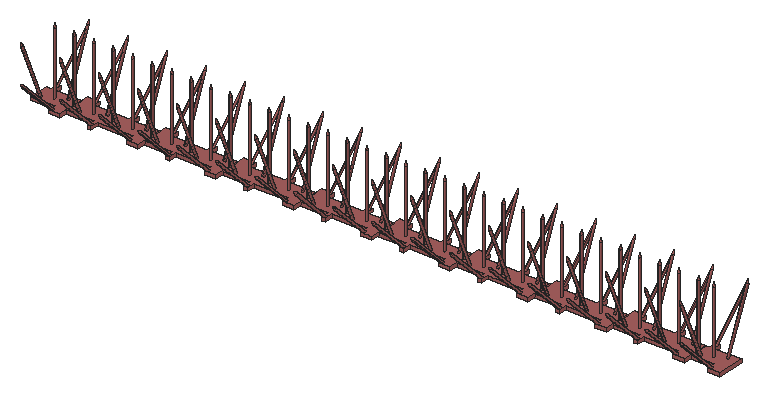
Revit family "BirdControl_Spikes_BirdBGone_2000", category Specialty Equipment, Revit 2016
Family settings
  Part Type = Normal
  Round Connector Dimension = Use Diameter
  OmniClass Number = 23.40.10.14.14.99
  OmniClass Title = Other Manufactured Exterior Specialties
  Cut with Voids When Loaded = No
  Shared = No
  Room Calculation Point = No
Parameters (values of type "BirdBGone template - Line Based")
  Warranty Duration (Years) = 0
  Units [instance] = ([built-in parameter 1001306] - 0' 7") / 0' 5"  # 8
  URL = "http://www.birdbgone.com/"
  Test Data = "http://www.birdbgone.com/bird-control-product-msds"
  Specification = "http://www.arcat.com/sdspecs/htm/10290bir.htm"
  SpecWizard = ""
  Send Message = "http://www.arcat.com/users.pl?action=UserEmail&company=Bird-B-Gone,%20Inc.&coid=38371&rep=147&fax=949-472-3116&mf="
  Sales Information = "http://www.birdbgone.com/bird-control-store/"
  Revision = "R1_10-2010"
  Product Properties = "http://www.arcat.com/bim/bim_info.pl?fn=BirdBGone"
  Product Data = "http://www.arcat.com/arcatcos/cos38/arc38371.html"
  Model = "As Specified in 10 81 19"
  Material = Plastic - Bird B Gone - Polycarbonate - Brick Red
  Manufacturer Website = "http://www.birdbgone.com/"
  Manufacturer Phone - Toll Free = "800-392-6915"
  Manufacturer Phone = "949-472-3122"
  Manufacturer Fax = "949-472-3116"
  Manufacturer Address = "23918 Skyline, Mission Viejo, CA 92692"
  Manufacturer = "Bird-B-Gone, Inc."
  Maintenance Schedule (Months) = 0
  built-in parameter 1001306 [instance] = 4' - 0"
  Keynote = "10 81 19"
  Installation-Fabrication = "http://www.birdbgone.com/installation-instructions"
  Installation Phase = ""
  Green Building-LEED = "http://www.arcat.com/green/clients/leed_data_38371.html"
  Expected Lifespan (Years) = 0
  End [instance] = Units * 0' 5"  # 3' - 4"
  Drawn By = "Robert S. Weygant, CSI, CDT, SCIP"
  Description = "Bird Control Equipment as Specified in 10 81 19"
  Copyright = "2010 ARCAT, Inc."
  Construction Details = "http://www.arcat.com/details/birdbgon/birdbgon.html?coid=38371"
  Building Codes = "http://www.birdbgone.com/knowledge-center/"
  Back Row 2 = yes
  Back Row 1 = yes
  Assembly Code = "E1090900"
Reference planes (in)
  plane 1 "Center (Front/Back)": y = 0
  plane 2: z = 0
  plane 3 "Left": x = 0
  plane 4 "Right": x = 48
  plane 5: y = 0.625
  plane 6: y = -0.625
  plane 7: x = 2.25
  plane 8: x = 42.25
Lines and regions (in)
  reference lines
    curve 1: line (0, 0, 0) -> (48, 0, 0)
Dimensions and locks (in)
  "built-in parameter 1001306": plane 3 "Left" to plane 4 "Right"
  equal spacing: plane 5, curve 1, plane 6
  locked: plane 5 to plane 6 at 1.25
  equal spacing: group 1, group 2, group 3, group 4, group 5, group 6, group 7, group 8  (x3)
  locked: plane 3 "Left" to plane 7 at 2.25
  "End": plane 7 to plane 8
  aligned and locked: plane 4 "Right" to curve 1
  aligned and locked: plane 3 "Left" to curve 1
  aligned and locked: nested 10 to plane 8
Nested families (in)
  nested 1: "SpikeUnit_2000_End" at (0, 0, 0) x (0, -1, 0) z (0, 0, 1), Back Row 2 <- "Back Row 2", Back Row 1 <- "Back Row 1", Material <- "Material", type "BirdBGone template - Standalone"
    with offset 0' - 0", Unit Height 0' - 4 1/2", Material Plastic - Bird B Gone - Polycarbonate - Brick Red, End Peg yes, Back Row 2 yes, Back Row 1 yes
  nested 2: "SpikeUnit_2000" at (4.75, 0, 0) x (0, -1, 0) z (0, 0, 1), Back Row 2 <- "Back Row 2", Back Row 1 <- "Back Row 1", Material <- "Material", type "BirdBGone template - Standalone"
    with offset 0' - 0", Unit Height 0' - 4 1/2", Material Plastic - Bird B Gone - Polycarbonate - Brick Red, Back Row 2 yes, Back Row 1 yes
  nested 3: "SpikeUnit_2000" at (9.75, 0, 0) x (0, -1, 0) z (0, 0, 1), Back Row 2 <- "Back Row 2", Back Row 1 <- "Back Row 1", Material <- "Material", type "BirdBGone template - Standalone"
    with offset 0' - 0", Unit Height 0' - 4 1/2", Material Plastic - Bird B Gone - Polycarbonate - Brick Red, Back Row 2 yes, Back Row 1 yes
  nested 4: "SpikeUnit_2000" at (14.75, 0, 0) x (0, -1, 0) z (0, 0, 1), Back Row 2 <- "Back Row 2", Back Row 1 <- "Back Row 1", Material <- "Material", type "BirdBGone template - Standalone"
    with offset 0' - 0", Unit Height 0' - 4 1/2", Material Plastic - Bird B Gone - Polycarbonate - Brick Red, Back Row 2 yes, Back Row 1 yes
  nested 5: "SpikeUnit_2000" at (19.75, 0, 0) x (0, -1, 0) z (0, 0, 1), Back Row 2 <- "Back Row 2", Back Row 1 <- "Back Row 1", Material <- "Material", type "BirdBGone template - Standalone"
    with offset 0' - 0", Unit Height 0' - 4 1/2", Material Plastic - Bird B Gone - Polycarbonate - Brick Red, Back Row 2 yes, Back Row 1 yes
  nested 6: "SpikeUnit_2000" at (24.75, 0, 0) x (0, -1, 0) z (0, 0, 1), Back Row 2 <- "Back Row 2", Back Row 1 <- "Back Row 1", Material <- "Material", type "BirdBGone template - Standalone"
    with offset 0' - 0", Unit Height 0' - 4 1/2", Material Plastic - Bird B Gone - Polycarbonate - Brick Red, Back Row 2 yes, Back Row 1 yes
  nested 7: "SpikeUnit_2000" at (29.75, 0, 0) x (0, -1, 0) z (0, 0, 1), Back Row 2 <- "Back Row 2", Back Row 1 <- "Back Row 1", Material <- "Material", type "BirdBGone template - Standalone"
    with offset 0' - 0", Unit Height 0' - 4 1/2", Material Plastic - Bird B Gone - Polycarbonate - Brick Red, Back Row 2 yes, Back Row 1 yes
  nested 8: "SpikeUnit_2000" at (34.75, 0, 0) x (0, -1, 0) z (0, 0, 1), Back Row 2 <- "Back Row 2", Back Row 1 <- "Back Row 1", Material <- "Material", type "BirdBGone template - Standalone"
    with offset 0' - 0", Unit Height 0' - 4 1/2", Material Plastic - Bird B Gone - Polycarbonate - Brick Red, Back Row 2 yes, Back Row 1 yes
  nested 9: "SpikeUnit_2000" at (39.75, 0, 0) x (0, -1, 0) z (0, 0, 1), Back Row 2 <- "Back Row 2", Back Row 1 <- "Back Row 1", Material <- "Material", type "BirdBGone template - Standalone"
    with offset 0' - 0", Unit Height 0' - 4 1/2", Material Plastic - Bird B Gone - Polycarbonate - Brick Red, Back Row 2 yes, Back Row 1 yes
  nested 10: "SpikeUnit_2000_End" at (42.25, 0, 0) x (0, -1, 0) z (0, 0, 1), Back Row 2 <- "Back Row 2", Back Row 1 <- "Back Row 1", Material <- "Material", type "BirdBGone template - Standalone"
    with offset 0' - 0", Unit Height 0' - 4 1/2", Material Plastic - Bird B Gone - Polycarbonate - Brick Red, End Peg no, Back Row 2 yes, Back Row 1 yes
Definition of nested family "SpikeUnit_2000_End"
  Parameters
    offset [instance] = 0' - 0"
    Warranty Duration (Years) = 0
    Unit Width = 0' - 7"
    Unit Height [instance] = 0' - 4 1/2"
    Unit Depth = 0' - 0 1/4"
    URL = "http://www.birdbgone.com/"
    Test Data = "http://www.birdbgone.com/bird-control-product-msds"
    Specification = "http://www.arcat.com/sdspecs/htm/10290bir.htm"
    SpecWizard = ""
    Send Message = "http://www.arcat.com/users.pl?action=UserEmail&company=Bird-B-Gone,%20Inc.&coid=38371&rep=147&fax=949-472-3116&mf="
    Sales Information = "http://www.birdbgone.com/bird-control-store/"
    Revision = "R1_10-2010"
    Product Properties = "http://www.arcat.com/bim/bim_info.pl?fn=BirdBGone"
    Product Data = "http://www.arcat.com/arcatcos/cos38/arc38371.html"
    Model = "As Specified in 10 81 19"
    Material [instance] = none
    Manufacturer Website = "http://www.birdbgone.com/"
    Manufacturer Phone - Toll Free = "800-392-6915"
    Manufacturer Phone = "949-472-3122"
    Manufacturer Fax = "949-472-3116"
    Manufacturer Address = "23918 Skyline, Mission Viejo, CA 92692"
    Manufacturer = "Bird-B-Gone, Inc."
    Maintenance Schedule (Months) = 0
    Keynote = "10 81 19"
    Installation-Fabrication = "http://www.birdbgone.com/installation-instructions"
    Installation Phase = ""
    Green Building-LEED = "http://www.arcat.com/green/clients/leed_data_38371.html"
    Expected Lifespan (Years) = 0
    End Peg [instance] = yes
    Drawn By = "Robert S. Weygant, CSI, CDT, SCIP"
    Description = "Bird Control Equipment as Specified in 10 81 19"
    Copyright = "wt"
    Construction Details = "http://www.arcat.com/details/birdbgon/birdbgon.html?coid=38371"
    Building Codes = "http://www.birdbgone.com/knowledge-center/"
    Back Row 2 [instance] = yes
    Back Row 1 [instance] = yes
    Assembly Code = "E1090900"
  Reference planes (in)
    plane 1 "Center (Front/Back)": y = 0
    plane 2 "Bottom": z = 0
    plane 3 "Center (Left/Right)": x = 0
    plane 4 "Top": z = 4.5
    plane 5: y = 2.25
  Forms (in)
    Extrusion 1, solid, material <- "Material"
      sketch origin (0, -0.5, 0) x (0, -1, 0) y (1, 0, 0)
        loop
          line (-0.5, -0.625) -> (-0.5, 0.625) -> (-2, 0.625) -> (-2, 1.125) -> (-2.75, 1.125) -> (-2.75, -0.625) -> (-1.00192, -0.625) -> (-1.00192, -1.125) -> (-0.75, -1.125) -> (-0.75, -0.625) -> (-0.5, -0.625)
      from 0 to 0.21875
    Revolve 2, solid, material <- "Material", detail levels medium+fine
      sketch origin (0.78125, 1.625, 0) x (0.707107, 0, 0.707107) y (-0.707107, 0, 0.707107)
        loop
          line (3.875, 0) -> (0.15782, 0) -> (0.15782, -0.0625) -> (3.64088, -0.0625) -> (3.875, 0)
        axis (3.875, 0) -> (0.15782, 0)
      angle from 0 to 360
    Revolve 3, solid, material <- "Material", visible <- "Back Row 2", detail levels medium+fine
      sketch origin (-0.78125, 0.375, 0) x (-0.707107, 0, 0.707107) y (-0.707107, 0, -0.707107)
        loop
          line (3.875, 0) -> (3.64088, 0.0625) -> (0.15782, 0.0625) -> (0.15782, 0) -> (3.875, 0)
        axis (3.875, 0) -> (0.15782, 0)
      angle from 0 to 360
    Revolve 4, solid, material <- "Material", visible <- "Back Row 1", detail levels medium+fine
      sketch origin (-0.18577, 1.625, 0) x (-0.707107, 0, 0.707107) y (-0.707107, 0, -0.707107)
        loop
          line (4.10185, -1.59349) -> (3.90819, -1.44784) -> (0.24709, 0.03134) -> (0.22368, -0.02661) -> (4.10185, -1.59349)
        axis (4.10185, -1.59349) -> (0.22368, -0.02661)
      angle from 0 to 360
    Revolve 5, solid, material <- "Material", detail levels medium+fine
      sketch origin (0.18577, 0.375, 0) x (0.707107, 0, 0.707107) y (-0.707107, 0, 0.707107)
        loop
          line (4.10185, 1.59349) -> (0.22368, 0.02661) -> (0.24709, -0.03134) -> (3.90819, 1.44784) -> (4.10185, 1.59349)
        axis (4.10185, 1.59349) -> (0.22368, 0.02661)
      angle from 0 to 360
    Revolve 6, solid, material <- "Material", detail levels medium+fine
      sketch origin (-0.05912, 1, -0.04038) x (0.374607, 0, 0.927184) y (-0.927184, 0, 0.374607)
        loop
          line (4.23191, 1.64604) -> (0.26241, 0.04225) -> (0.28582, -0.01569) -> (4.03825, 1.50039) -> (4.23191, 1.64604)
        axis (4.23191, 1.64604) -> (0.26241, 0.04225)
      angle from 0 to 360
    Revolve 7, solid, material <- "Material", visible <- "End Peg", detail levels medium+fine
      sketch origin (-0.05912, 2.25, -0.04038) x (0.374607, 0, 0.927184) y (-0.927184, 0, 0.374607)
        loop
          line (4.23191, 1.64604) -> (0.26241, 0.04225) -> (0.28582, -0.01569) -> (4.03825, 1.50039) -> (4.23191, 1.64604)
        axis (4.23191, 1.64604) -> (0.26241, 0.04225)
      angle from 0 to 360
  Lines and regions (in)
    model lines, detail levels coarse
      curve 1: line (0, 1, 0.21875) -> (0, 1, 4.5)
      curve 2: line (0.34375, 0.375, 0.21875) -> (1.95937, 0.375, 4.02714)
      curve 4: line (1, 1.625, 0.21875) -> (3.5213, 1.625, 2.74005)
    model lines, visible <- "Back Row 1", detail levels coarse
      curve 3: line (-0.34375, 1.625, 0.21875) -> (-1.95937, 1.625, 4.02714)
    model lines, visible <- "Back Row 2", detail levels coarse
      curve 5: line (-1, 0.375, 0.21875) -> (-3.5213, 0.375, 2.74005)
    model lines, visible <- "End Peg", detail levels coarse
      curve 6: line (0, 2.25, 0.21875) -> (0, 2.25, 4.5)
  Dimensions and locks (in)
    "Unit Height": plane 4 "Top" to level
  Automatic sketch dimensions
    Extrusion 1 sketch curve to plane 5 = 0' - 0"
    Extrusion 1 sketch curve to plane 1 "Center (Front/Back)" = 0' - 0"
    Extrusion 1 sketch curve to Extrusion 1 sketch curve = 0' - 0 3/4"
    Extrusion 1 sketch curve to plane 1 "Center (Front/Back)" = 0' - 0.50192"
    Extrusion 1 sketch curve to plane 1 "Center (Front/Back)" = 0' - 0 1/4"
    Extrusion 1 sketch curve to plane 3 "Center (Left/Right)" = 0' - 1 1/8"
    Extrusion 1 sketch curve to Extrusion 1 sketch curve = 0' - 0 1/2"  (x2)
    Extrusion 1 sketch curve to plane 3 "Center (Left/Right)" = 0' - 0 5/8"
    plane 3 "Center (Left/Right)" to Extrusion 1 sketch curve = 0' - 0 5/8"
    Revolve 2 sketch curve to plane 3 "Center (Left/Right)" = 0' - 0.22412"
    Revolve 2 sketch curve to level = 0' - 1.00537"
    Revolve 2 sketch curve to Revolve 2 sketch curve = 0' - 1.57963"
    Revolve 2 sketch curve to Revolve 2 sketch curve = 0' - 3.48306"
    Revolve 2 sketch curve to Revolve 2 sketch curve = 0' - 0.23412"
    Revolve 2 sketch curve to Revolve 2 sketch curve = 0' - 1.2032"
    Revolve 2 sketch curve to Revolve 2 sketch curve = 0' - 0"
    Revolve 2 sketch curve to Revolve 2 sketch curve = 0' - 0 1/16"
    plane 3 "Center (Left/Right)" to Revolve 3 sketch curve = 0' - 0.22412"
    Revolve 3 sketch curve to level = 0' - 1.00537"
    Revolve 3 sketch curve to Revolve 3 sketch curve = 0' - 1.57963"
    Revolve 3 sketch curve to Revolve 3 sketch curve = 0' - 3.48306"
    Revolve 3 sketch curve to Revolve 3 sketch curve = 0' - 0.23412"
    Revolve 3 sketch curve to Revolve 3 sketch curve = 0' - 1.2032"
    Revolve 3 sketch curve to Revolve 3 sketch curve = 0' - 0"
    Revolve 3 sketch curve to Revolve 3 sketch curve = 0' - 0 1/16"
    plane 3 "Center (Left/Right)" to Revolve 4 sketch curve = 0' - 0.31984"
    Revolve 4 sketch curve to level = 0' - 1.34246"
    Revolve 4 sketch curve to Revolve 4 sketch curve = 0' - 1.53046"
    Revolve 4 sketch curve to Revolve 4 sketch curve = 0' - 0.02341"
    Revolve 4 sketch curve to Revolve 4 sketch curve = 0' - 3.6611"
    Revolve 4 sketch curve to Revolve 4 sketch curve = 0' - 0.19366"
    Revolve 4 sketch curve to Revolve 4 sketch curve = 0' - 0.61807"
    Revolve 4 sketch curve to Revolve 4 sketch curve = 0' - 0.5604"
    Revolve 4 sketch curve to Revolve 4 sketch curve = 0' - 0.05795"
    Revolve 4 sketch curve to Revolve 4 sketch curve = 0' - 0.24972"
    Revolve 5 sketch curve to plane 3 "Center (Left/Right)" = 0' - 0.31984"
    Revolve 5 sketch curve to level = 0' - 1.34246"
    Revolve 5 sketch curve to Revolve 5 sketch curve = 0' - 1.53046"
    Revolve 5 sketch curve to Revolve 5 sketch curve = 0' - 0.02341"
    Revolve 5 sketch curve to Revolve 5 sketch curve = 0' - 3.6611"
    Revolve 5 sketch curve to Revolve 5 sketch curve = 0' - 0.19366"
    Revolve 5 sketch curve to Revolve 5 sketch curve = 0' - 0.61807"
    Revolve 5 sketch curve to Revolve 5 sketch curve = 0' - 0.5604"
    Revolve 5 sketch curve to Revolve 5 sketch curve = 0' - 0.05795"
    Revolve 5 sketch curve to Revolve 5 sketch curve = 0' - 0.24972"
    Revolve 6 sketch curve to plane 3 "Center (Left/Right)" = 0' - 0"  (x4)
    Revolve 6 sketch curve to plane 4 "Top" = 0' - 0"
    Revolve 6 sketch curve to Revolve 6 sketch curve = 0' - 0.19366"
    Revolve 6 sketch curve to Revolve 6 sketch curve = 0' - 3.75243"
    Revolve 6 sketch curve to Revolve 6 sketch curve = 0' - 0.02341"
    Revolve 6 sketch curve to Revolve 6 sketch curve = 0' - 1.56919"
    Revolve 6 sketch curve to Revolve 6 sketch curve = 0' - 0.488"
    curve 1 to plane 3 "Center (Left/Right)" = 0' - 0"  (x2)
    curve 1 to plane 4 "Top" = 0' - 0"
    curve 1 to curve 1 = 0' - 3.0273"
    curve 5 to plane 4 "Top" = 0' - 1.75995"
    curve 5 to plane 3 "Center (Left/Right)" = 0' - 3.5213"
    curve 5 to curve 2 = 0' - 0.95017"
    curve 2 to curve 2 = 0' - 3.83535"
    curve 2 to curve 5 = 0' - 2.9653"
    curve 5 to curve 5 = 0' - 3.56565"
    curve 2 to curve 5 = 0' - 0.95017"
    level to curve 3 = 0' - 0 7/32"
    curve 3 to plane 3 "Center (Left/Right)" = 0' - 0 11/32"
    curve 3 to curve 4 = 0' - 0.95017"
    curve 3 to curve 3 = 0' - 1.55053"
    curve 4 to curve 4 = 0' - 3.56565"
    curve 4 to curve 3 = 0' - 0.95017"
    curve 3 to curve 3 = 0' - 3.83535"
    Revolve 7 sketch curve to plane 3 "Center (Left/Right)" = 0' - 0"  (x4)
    Revolve 7 sketch curve to plane 4 "Top" = 0' - 0"
    Revolve 7 sketch curve to Revolve 7 sketch curve = 0' - 0.19366"
    Revolve 7 sketch curve to Revolve 7 sketch curve = 0' - 3.75243"
    Revolve 7 sketch curve to Revolve 7 sketch curve = 0' - 0.02341"
    Revolve 7 sketch curve to Revolve 7 sketch curve = 0' - 1.56919"
    Revolve 7 sketch curve to Revolve 7 sketch curve = 0' - 0.488"
    curve 6 to plane 3 "Center (Left/Right)" = 0' - 0"  (x2)
    curve 6 to plane 4 "Top" = 0' - 0"
    curve 6 to curve 6 = 0' - 3.0273"
Definition of nested family "SpikeUnit_2000"
  Parameters
    offset [instance] = 0' - 0"
    Warranty Duration (Years) = 0
    Unit Width = 0' - 7"
    Unit Height [instance] = 0' - 4 1/2"
    Unit Depth = 0' - 0 1/4"
    URL = "http://www.birdbgone.com/"
    Test Data = "http://www.birdbgone.com/bird-control-product-msds"
    Specification = "http://www.arcat.com/sdspecs/htm/10290bir.htm"
    SpecWizard = ""
    Send Message = "http://www.arcat.com/users.pl?action=UserEmail&company=Bird-B-Gone,%20Inc.&coid=38371&rep=147&fax=949-472-3116&mf="
    Sales Information = "http://www.birdbgone.com/bird-control-store/"
    Revision = "R1_10-2010"
    Product Properties = "http://www.arcat.com/bim/bim_info.pl?fn=BirdBGone"
    Product Data = "http://www.arcat.com/arcatcos/cos38/arc38371.html"
    Model = "As Specified in 10 81 19"
    Material [instance] = none
    Manufacturer Website = "http://www.birdbgone.com/"
    Manufacturer Phone - Toll Free = "800-392-6915"
    Manufacturer Phone = "949-472-3122"
    Manufacturer Fax = "949-472-3116"
    Manufacturer Address = "23918 Skyline, Mission Viejo, CA 92692"
    Manufacturer = "Bird-B-Gone, Inc."
    Maintenance Schedule (Months) = 0
    Keynote = "10 81 19"
    Installation-Fabrication = "http://www.birdbgone.com/installation-instructions"
    Installation Phase = ""
    Green Building-LEED = "http://www.arcat.com/green/clients/leed_data_38371.html"
    Expected Lifespan (Years) = 0
    Drawn By = "Robert S. Weygant, CSI, CDT, SCIP"
    Description = "Bird Control Equipment as Specified in 10 81 19"
    Copyright = "wt"
    Construction Details = "http://www.arcat.com/details/birdbgon/birdbgon.html?coid=38371"
    Building Codes = "http://www.birdbgone.com/knowledge-center/"
    Back Row 2 [instance] = yes
    Back Row 1 [instance] = yes
    Assembly Code = "E1090900"
  Reference planes (in)
    plane 1 "Center (Front/Back)": y = 0
    plane 2 "Bottom": z = 0
    plane 3 "Center (Left/Right)": x = 0
    plane 4 "Top": z = 4.5
    plane 5: y = 2.5
    plane 6: y = -2.5
  Forms (in)
    Extrusion 1, solid, material <- "Material"
      sketch origin (0, -0.25, 0) x (0, -1, 0) y (1, 0, 0)
        loop
          line (1.5, -0.625) -> (1.5, -1.125) -> (2.25, -1.125) -> (2.25, 0.625) -> (0.5, 0.625) -> (0.5, 1.125) -> (0.24808, 1.125) -> (0.24808, 0.625) -> (-2, 0.625) -> (-2, 1.125) -> (-2.75, 1.125) -> (-2.75, -0.625) -> (-1.00192, -0.625) -> (-1.00192, -1.125) -> (-0.75, -1.125) -> (-0.75, -0.625) -> (1.5, -0.625)
      from 0 to 0.21875
    Revolve 2, solid, material <- "Material", detail levels medium+fine
      sketch origin (0.78125, 1.875, 0) x (0.707107, 0, 0.707107) y (-0.707107, 0, 0.707107)
        loop
          line (3.875, 0) -> (0.15782, 0) -> (0.15782, -0.0625) -> (3.64088, -0.0625) -> (3.875, 0)
        axis (3.875, 0) -> (0.15782, 0)
      angle from 0 to 360
    Revolve 3, solid, material <- "Material", detail levels medium+fine
      sketch origin (0.78125, -0.625, 0) x (0.707107, 0, 0.707107) y (-0.707107, 0, 0.707107)
        loop
          line (3.875, 0) -> (0.15782, 0) -> (0.15782, -0.0625) -> (3.64088, -0.0625) -> (3.875, 0)
        axis (3.875, 0) -> (0.15782, 0)
      angle from 0 to 360
    Revolve 4, solid, material <- "Material", visible <- "Back Row 2", detail levels medium+fine
      sketch origin (-0.78125, 0.625, 0) x (-0.707107, 0, 0.707107) y (-0.707107, 0, -0.707107)
        loop
          line (3.875, 0) -> (3.64088, 0.0625) -> (0.15782, 0.0625) -> (0.15782, 0) -> (3.875, 0)
        axis (3.875, 0) -> (0.15782, 0)
      angle from 0 to 360
    Revolve 5, solid, material <- "Material", visible <- "Back Row 2", detail levels medium+fine
      sketch origin (-0.78125, -1.875, 0) x (-0.707107, 0, 0.707107) y (-0.707107, 0, -0.707107)
        loop
          line (3.875, 0) -> (3.64088, 0.0625) -> (0.15782, 0.0625) -> (0.15782, 0) -> (3.875, 0)
        axis (3.875, 0) -> (0.15782, 0)
      angle from 0 to 360
    Revolve 6, solid, material <- "Material", visible <- "Back Row 1", detail levels medium+fine
      sketch origin (-0.18577, 1.875, 0) x (-0.707107, 0, 0.707107) y (-0.707107, 0, -0.707107)
        loop
          line (4.10185, -1.59349) -> (3.90819, -1.44784) -> (0.24709, 0.03134) -> (0.22368, -0.02661) -> (4.10185, -1.59349)
        axis (4.10185, -1.59349) -> (0.22368, -0.02661)
      angle from 0 to 360
    Revolve 7, solid, material <- "Material", visible <- "Back Row 1", detail levels medium+fine
      sketch origin (-0.18577, -0.625, 0) x (-0.707107, 0, 0.707107) y (-0.707107, 0, -0.707107)
        loop
          line (4.10185, -1.59349) -> (3.90819, -1.44784) -> (0.24709, 0.03134) -> (0.22368, -0.02661) -> (4.10185, -1.59349)
        axis (4.10185, -1.59349) -> (0.22368, -0.02661)
      angle from 0 to 360
    Revolve 8, solid, material <- "Material", detail levels medium+fine
      sketch origin (0.18577, 0.625, 0) x (0.707107, 0, 0.707107) y (-0.707107, 0, 0.707107)
        loop
          line (4.10185, 1.59349) -> (0.22368, 0.02661) -> (0.24709, -0.03134) -> (3.90819, 1.44784) -> (4.10185, 1.59349)
        axis (4.10185, 1.59349) -> (0.22368, 0.02661)
      angle from 0 to 360
    Revolve 9, solid, material <- "Material", detail levels medium+fine
      sketch origin (0.18577, -1.875, 0) x (0.707107, 0, 0.707107) y (-0.707107, 0, 0.707107)
        loop
          line (4.10185, 1.59349) -> (0.22368, 0.02661) -> (0.24709, -0.03134) -> (3.90819, 1.44784) -> (4.10185, 1.59349)
        axis (4.10185, 1.59349) -> (0.22368, 0.02661)
      angle from 0 to 360
    Revolve 10, solid, material <- "Material", detail levels medium+fine
      sketch origin (-0.05912, -1.25, -0.04038) x (0.374607, 0, 0.927184) y (-0.927184, 0, 0.374607)
        loop
          line (4.23191, 1.64604) -> (0.26241, 0.04225) -> (0.28582, -0.01569) -> (4.03825, 1.50039) -> (4.23191, 1.64604)
        axis (4.23191, 1.64604) -> (0.26241, 0.04225)
      angle from 0 to 360
    Revolve 11, solid, material <- "Material", detail levels medium+fine
      sketch origin (-0.05912, 1.25, -0.04038) x (0.374607, 0, 0.927184) y (-0.927184, 0, 0.374607)
        loop
          line (4.23191, 1.64604) -> (0.26241, 0.04225) -> (0.28582, -0.01569) -> (4.03825, 1.50039) -> (4.23191, 1.64604)
        axis (4.23191, 1.64604) -> (0.26241, 0.04225)
      angle from 0 to 360
    Revolve 12, solid, material <- "Material", detail levels medium+fine
      sketch origin (-0.05912, 0, -0.04038) x (0.374607, 0, 0.927184) y (-0.927184, 0, 0.374607)
        loop
          line (4.23191, 1.64604) -> (0.26241, 0.04225) -> (0.28582, -0.01569) -> (4.03825, 1.50039) -> (4.23191, 1.64604)
        axis (4.23191, 1.64604) -> (0.26241, 0.04225)
      angle from 0 to 360
    Revolve 13, solid, material <- "Material", detail levels medium+fine
      sketch origin (-0.05912, 2.5, -0.04038) x (0.374607, 0, 0.927184) y (-0.927184, 0, 0.374607)
        loop
          line (4.23191, 1.64604) -> (0.26241, 0.04225) -> (0.28582, -0.01569) -> (4.03825, 1.50039) -> (4.23191, 1.64604)
        axis (4.23191, 1.64604) -> (0.26241, 0.04225)
      angle from 0 to 360
  Lines and regions (in)
    model lines, detail levels coarse
      curve 1: line (0, 0, 0.21875) -> (0, 0, 4.5)
      curve 2: line (0, -1.25, 0.21875) -> (0, -1.25, 4.5)
      curve 3: line (0, 1.25, 0.21875) -> (0, 1.25, 4.5)
      curve 4: line (0.34375, -1.875, 0.21875) -> (1.95937, -1.875, 4.02714)
      curve 5: line (0.34375, 0.625, 0.21875) -> (1.95937, 0.625, 4.02714)
      curve 8: line (1, -0.625, 0.21875) -> (3.5213, -0.625, 2.74005)
      curve 9: line (1, 1.875, 0.21875) -> (3.5213, 1.875, 2.74005)
      curve 12: line (0, 2.5, 0.21875) -> (0, 2.5, 4.5)
    model lines, visible <- "Back Row 1", detail levels coarse
      curve 6: line (-0.34375, -0.625, 0.21875) -> (-1.95937, -0.625, 4.02714)
      curve 7: line (-0.34375, 1.875, 0.21875) -> (-1.95937, 1.875, 4.02714)
    model lines, visible <- "Back Row 2", detail levels coarse
      curve 10: line (-1, -1.875, 0.21875) -> (-3.5213, -1.875, 2.74005)
      curve 11: line (-1, 0.625, 0.21875) -> (-3.5213, 0.625, 2.74005)
  Dimensions and locks (in)
    "Unit Height": plane 4 "Top" to level
  Automatic sketch dimensions
    curve 1 to plane 3 "Center (Left/Right)" = 0' - 0"  (x2)
    curve 1 to plane 4 "Top" = 0' - 0"
    curve 1 to curve 1 = 0' - 3.0273"
    Extrusion 1 sketch curve to plane 5 = 0' - 0"
    Extrusion 1 sketch curve to plane 6 = 0' - 0"
    Extrusion 1 sketch curve to Extrusion 1 sketch curve = 0' - 0 3/4"
    Extrusion 1 sketch curve to plane 1 "Center (Front/Back)" = 0' - 0.75192"
    Extrusion 1 sketch curve to Extrusion 1 sketch curve = 0' - 0.25192"  (x2)
    plane 1 "Center (Front/Back)" to Extrusion 1 sketch curve = 0' - 0.49808"
    plane 6 to Extrusion 1 sketch curve = 0' - 0 3/4"
    Extrusion 1 sketch curve to plane 3 "Center (Left/Right)" = 0' - 1 1/8"  (x2)
    Extrusion 1 sketch curve to Extrusion 1 sketch curve = 0' - 0 1/2"  (x3)
    Extrusion 1 sketch curve to Extrusion 1 sketch curve = 0' - 0"
    plane 3 "Center (Left/Right)" to Extrusion 1 sketch curve = 0' - 0 5/8"  (x2)
    Revolve 2 sketch curve to plane 3 "Center (Left/Right)" = 0' - 0.22412"
    Revolve 2 sketch curve to level = 0' - 1.00537"
    Revolve 2 sketch curve to Revolve 2 sketch curve = 0' - 1.57963"
    Revolve 2 sketch curve to Revolve 2 sketch curve = 0' - 3.48306"
    Revolve 2 sketch curve to Revolve 2 sketch curve = 0' - 0.23412"
    Revolve 2 sketch curve to Revolve 2 sketch curve = 0' - 1.2032"
    Revolve 2 sketch curve to Revolve 2 sketch curve = 0' - 0"
    Revolve 2 sketch curve to Revolve 2 sketch curve = 0' - 0 1/16"
    Revolve 3 sketch curve to plane 3 "Center (Left/Right)" = 0' - 0.22412"
    Revolve 3 sketch curve to level = 0' - 1.00537"
    Revolve 3 sketch curve to Revolve 3 sketch curve = 0' - 1.57963"
    Revolve 3 sketch curve to Revolve 3 sketch curve = 0' - 3.48306"
    Revolve 3 sketch curve to Revolve 3 sketch curve = 0' - 0.23412"
    Revolve 3 sketch curve to Revolve 3 sketch curve = 0' - 1.2032"
    Revolve 3 sketch curve to Revolve 3 sketch curve = 0' - 0"
    Revolve 3 sketch curve to Revolve 3 sketch curve = 0' - 0 1/16"
    plane 3 "Center (Left/Right)" to Revolve 4 sketch curve = 0' - 0.22412"
    Revolve 4 sketch curve to level = 0' - 1.00537"
    Revolve 4 sketch curve to Revolve 4 sketch curve = 0' - 1.57963"
    Revolve 4 sketch curve to Revolve 4 sketch curve = 0' - 3.48306"
    Revolve 4 sketch curve to Revolve 4 sketch curve = 0' - 0.23412"
    Revolve 4 sketch curve to Revolve 4 sketch curve = 0' - 1.2032"
    Revolve 4 sketch curve to Revolve 4 sketch curve = 0' - 0"
    Revolve 4 sketch curve to Revolve 4 sketch curve = 0' - 0 1/16"
    plane 3 "Center (Left/Right)" to Revolve 5 sketch curve = 0' - 0.22412"
    Revolve 5 sketch curve to level = 0' - 1.00537"
    Revolve 5 sketch curve to Revolve 5 sketch curve = 0' - 1.57963"
    Revolve 5 sketch curve to Revolve 5 sketch curve = 0' - 3.48306"
    Revolve 5 sketch curve to Revolve 5 sketch curve = 0' - 0.23412"
    Revolve 5 sketch curve to Revolve 5 sketch curve = 0' - 1.2032"
    Revolve 5 sketch curve to Revolve 5 sketch curve = 0' - 0"
    Revolve 5 sketch curve to Revolve 5 sketch curve = 0' - 0 1/16"
    plane 3 "Center (Left/Right)" to Revolve 6 sketch curve = 0' - 0.31984"
    Revolve 6 sketch curve to level = 0' - 1.34246"
    Revolve 6 sketch curve to Revolve 6 sketch curve = 0' - 1.53046"
    Revolve 6 sketch curve to Revolve 6 sketch curve = 0' - 0.02341"
    Revolve 6 sketch curve to Revolve 6 sketch curve = 0' - 3.6611"
    Revolve 6 sketch curve to Revolve 6 sketch curve = 0' - 0.19366"
    Revolve 6 sketch curve to Revolve 6 sketch curve = 0' - 0.61807"
    Revolve 6 sketch curve to Revolve 6 sketch curve = 0' - 0.5604"
    Revolve 6 sketch curve to Revolve 6 sketch curve = 0' - 0.05795"
    Revolve 6 sketch curve to Revolve 6 sketch curve = 0' - 0.24972"
    plane 3 "Center (Left/Right)" to Revolve 7 sketch curve = 0' - 0.31984"
    Revolve 7 sketch curve to level = 0' - 1.34246"
    Revolve 7 sketch curve to Revolve 7 sketch curve = 0' - 1.53046"
    Revolve 7 sketch curve to Revolve 7 sketch curve = 0' - 0.02341"
    Revolve 7 sketch curve to Revolve 7 sketch curve = 0' - 3.6611"
    Revolve 7 sketch curve to Revolve 7 sketch curve = 0' - 0.19366"
    Revolve 7 sketch curve to Revolve 7 sketch curve = 0' - 0.61807"
    Revolve 7 sketch curve to Revolve 7 sketch curve = 0' - 0.5604"
    Revolve 7 sketch curve to Revolve 7 sketch curve = 0' - 0.05795"
    Revolve 7 sketch curve to Revolve 7 sketch curve = 0' - 0.24972"
    Revolve 8 sketch curve to plane 3 "Center (Left/Right)" = 0' - 0.31984"
    Revolve 8 sketch curve to level = 0' - 1.34246"
    Revolve 8 sketch curve to Revolve 8 sketch curve = 0' - 1.53046"
    Revolve 8 sketch curve to Revolve 8 sketch curve = 0' - 0.02341"
    Revolve 8 sketch curve to Revolve 8 sketch curve = 0' - 3.6611"
    Revolve 8 sketch curve to Revolve 8 sketch curve = 0' - 0.19366"
    Revolve 8 sketch curve to Revolve 8 sketch curve = 0' - 0.61807"
    Revolve 8 sketch curve to Revolve 8 sketch curve = 0' - 0.5604"
    Revolve 8 sketch curve to Revolve 8 sketch curve = 0' - 0.05795"
    Revolve 8 sketch curve to Revolve 8 sketch curve = 0' - 0.24972"
    Revolve 9 sketch curve to plane 3 "Center (Left/Right)" = 0' - 0.31984"
    Revolve 9 sketch curve to level = 0' - 1.34246"
    Revolve 9 sketch curve to Revolve 9 sketch curve = 0' - 1.53046"
    Revolve 9 sketch curve to Revolve 9 sketch curve = 0' - 0.02341"
    Revolve 9 sketch curve to Revolve 9 sketch curve = 0' - 3.6611"
    Revolve 9 sketch curve to Revolve 9 sketch curve = 0' - 0.19366"
    Revolve 9 sketch curve to Revolve 9 sketch curve = 0' - 0.61807"
    Revolve 9 sketch curve to Revolve 9 sketch curve = 0' - 0.5604"
    Revolve 9 sketch curve to Revolve 9 sketch curve = 0' - 0.05795"
    Revolve 9 sketch curve to Revolve 9 sketch curve = 0' - 0.24972"
    Revolve 10 sketch curve to plane 3 "Center (Left/Right)" = 0' - 0"  (x4)
    Revolve 10 sketch curve to plane 4 "Top" = 0' - 0"
    Revolve 10 sketch curve to Revolve 10 sketch curve = 0' - 0.19366"
    Revolve 10 sketch curve to Revolve 10 sketch curve = 0' - 3.75243"
    Revolve 10 sketch curve to Revolve 10 sketch curve = 0' - 0.02341"
    Revolve 10 sketch curve to Revolve 10 sketch curve = 0' - 1.56919"
    Revolve 10 sketch curve to Revolve 10 sketch curve = 0' - 0.488"
    Revolve 11 sketch curve to plane 3 "Center (Left/Right)" = 0' - 0"  (x4)
    Revolve 11 sketch curve to plane 4 "Top" = 0' - 0"
    Revolve 11 sketch curve to Revolve 11 sketch curve = 0' - 0.19366"
    Revolve 11 sketch curve to Revolve 11 sketch curve = 0' - 3.75243"
    Revolve 11 sketch curve to Revolve 11 sketch curve = 0' - 0.02341"
    Revolve 11 sketch curve to Revolve 11 sketch curve = 0' - 1.56919"
    Revolve 11 sketch curve to Revolve 11 sketch curve = 0' - 0.488"
    Revolve 12 sketch curve to plane 3 "Center (Left/Right)" = 0' - 0"  (x4)
    Revolve 12 sketch curve to plane 4 "Top" = 0' - 0"
    Revolve 12 sketch curve to Revolve 12 sketch curve = 0' - 0.19366"
    Revolve 12 sketch curve to Revolve 12 sketch curve = 0' - 3.75243"
    Revolve 12 sketch curve to Revolve 12 sketch curve = 0' - 0.02341"
    Revolve 12 sketch curve to Revolve 12 sketch curve = 0' - 1.56919"
    Revolve 12 sketch curve to Revolve 12 sketch curve = 0' - 0.488"
    curve 2 to plane 3 "Center (Left/Right)" = 0' - 0"  (x2)
    curve 2 to plane 4 "Top" = 0' - 0"
    curve 2 to curve 2 = 0' - 3.0273"
    curve 3 to plane 3 "Center (Left/Right)" = 0' - 0"  (x2)
    curve 3 to plane 4 "Top" = 0' - 0"
    curve 3 to curve 3 = 0' - 3.0273"
    level to curve 6 = 0' - 0 7/32"
    curve 6 to plane 3 "Center (Left/Right)" = 0' - 0 11/32"
    curve 6 to curve 8 = 0' - 0.95017"
    curve 6 to curve 6 = 0' - 1.55053"
    curve 8 to curve 8 = 0' - 3.56565"
    curve 8 to curve 6 = 0' - 0.95017"
    curve 6 to curve 6 = 0' - 3.83535"
    curve 10 to plane 4 "Top" = 0' - 1.75995"
    curve 10 to plane 3 "Center (Left/Right)" = 0' - 3.5213"
    curve 10 to curve 4 = 0' - 0.95017"
    curve 4 to curve 4 = 0' - 3.83535"
    curve 4 to curve 10 = 0' - 2.9653"
    curve 10 to curve 10 = 0' - 3.56565"
    curve 4 to curve 10 = 0' - 0.95017"
    curve 11 to plane 4 "Top" = 0' - 1.75995"
    curve 11 to plane 3 "Center (Left/Right)" = 0' - 3.5213"
    curve 11 to curve 5 = 0' - 0.95017"
    curve 5 to curve 5 = 0' - 3.83535"
    curve 5 to curve 11 = 0' - 2.9653"
    curve 11 to curve 11 = 0' - 3.56565"
    curve 5 to curve 11 = 0' - 0.95017"
    level to curve 7 = 0' - 0 7/32"
    curve 7 to plane 3 "Center (Left/Right)" = 0' - 0 11/32"
    curve 7 to curve 9 = 0' - 0.95017"
    curve 7 to curve 7 = 0' - 1.55053"
    curve 9 to curve 9 = 0' - 3.56565"
    curve 9 to curve 7 = 0' - 0.95017"
    curve 7 to curve 7 = 0' - 3.83535"
    curve 12 to plane 3 "Center (Left/Right)" = 0' - 0"  (x2)
    curve 12 to plane 4 "Top" = 0' - 0"
    curve 12 to curve 12 = 0' - 3.0273"
    Revolve 13 sketch curve to plane 3 "Center (Left/Right)" = 0' - 0"  (x4)
    Revolve 13 sketch curve to plane 4 "Top" = 0' - 0"
    Revolve 13 sketch curve to Revolve 13 sketch curve = 0' - 0.19366"
    Revolve 13 sketch curve to Revolve 13 sketch curve = 0' - 3.75243"
    Revolve 13 sketch curve to Revolve 13 sketch curve = 0' - 0.02341"
    Revolve 13 sketch curve to Revolve 13 sketch curve = 0' - 1.56919"
    Revolve 13 sketch curve to Revolve 13 sketch curve = 0' - 0.488"
